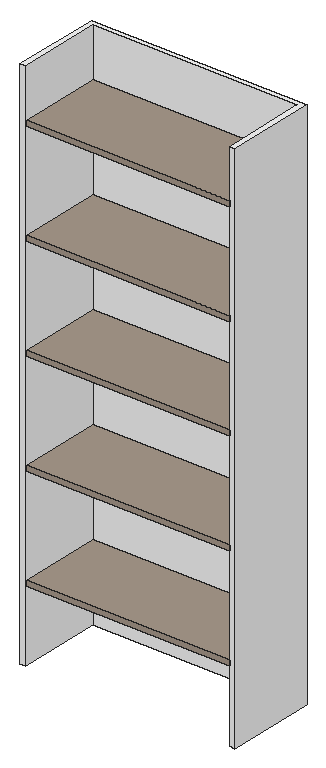
Revit family "Armário prateleira básico", category Generic Models, host Floor, Revit 2016
Family settings
  Host = Floor
  Part Type = Normal
  Can host rebar = No
  Round Connector Dimension = Use Diameter
  Work Plane-Based = No
  Always vertical = Yes
  Cut with Voids When Loaded = No
  Shared = No
  Room Calculation Point = No
Parameters (values of type "250 x 65x 230")
  URL = "http://maisrevit.blogspot.com.br"
  Profundidade [instance] = 50.00 cm
  Base = MDF - Branco padrão
  Máscara 2D = yes
  Comprimento [instance] = 120.00 cm
  Prateleiras = MDF - Madeirado 2
  Altura total = 300.00 cm
Reference planes (cm)
  plane 1 "Centro (Frente/Trás)": y = 0
  plane 2: z = 0
  plane 3 "Centro (Esquerda/Direita)": x = 0
  plane 4: x = -60
  plane 5: x = 60
  plane 6: y = 25
  plane 7: y = -25
  plane 8: z = 300
  plane 9: z = 120
Forms (cm)
  Extrusion 1, solid, material "MDF - Branco padrão" <- "Base"
    sketch origin (0, 0, 0) x (1, 0, 0) y (0, 1, 0)
      loop
        line (-60, -25) -> (-57, -25) -> (-57, 22) -> (57, 22) -> (57, -25) -> (60, -25) -> (60, 25) -> (-60, 25) -> (-60, -25)
    from 0 to 300
  Extrusion 2, solid, material "MDF - Madeirado 2" <- "Prateleiras"
    sketch origin (0, 0, 0) x (1, 0, 0) y (0, 0, 1)
      loop
        line (-57, 212.5) -> (57, 212.5) -> (57, 215.5) -> (-57, 215.5) -> (-57, 212.5)
    from -22 to 25
  Extrusion 3, solid, material "MDF - Madeirado 2" <- "Prateleiras"
    sketch origin (0, 0, -38) x (1, 0, 0) y (0, 0, 1)
      loop
        line (-57, 193) -> (57, 193) -> (57, 196) -> (-57, 196) -> (-57, 193)
    from -22 to 25
  Extrusion 4, solid, material "MDF - Madeirado 2" <- "Prateleiras"
    sketch origin (0, 0, -82) x (1, 0, 0) y (0, 0, 1)
      loop
        line (-57, 179.5) -> (57, 179.5) -> (57, 182.5) -> (-57, 182.5) -> (-57, 179.5)
    from -22 to 25
  Extrusion 5, solid, material "MDF - Madeirado 2" <- "Prateleiras"
    sketch origin (0, 0, -120.6386) x (1, 0, 0) y (0, 0, 1)
      loop
        line (-57, 160.6386) -> (57, 160.6386) -> (57, 163.6386) -> (-57, 163.6386) -> (-57, 160.6386)
    from -22 to 25
  Extrusion 6, solid, material "MDF - Madeirado 2" <- "Prateleiras"
    sketch origin (0, 0, 22.7228) x (1, 0, 0) y (0, 0, 1)
      loop
        line (-57, 247.2772) -> (57, 247.2772) -> (57, 250.2772) -> (-57, 250.2772) -> (-57, 247.2772)
    from -22 to 25
Lines and regions (cm)
  Masking region 1, visible <- "Máscara 2D"
    outline origin (0, 0, 0) x (1, 0, 0) y (0, 1, 0)
      loop
        line (-60, 25) -> (-60, -25) -> (60, -25) -> (60, 25) -> (-60, 25)
  symbolic lines, style "GenericModel"
    curve 1: line (-60, -25, 0) -> (60, 25, 0)
Dimensions and locks (cm)
  equal spacing: plane 4, plane 3 "Centro (Esquerda/Direita)", plane 5
  "Comprimento": plane 4 to plane 5
  equal spacing: plane 7, plane 1 "Centro (Frente/Trás)", plane 6
  "Profundidade": plane 7 to plane 6
  "Altura total": plane 8 to plane 2
  locked: plane 9 to level at 120
  locked: Extrusion 1 sketch curve to Extrusion 1 sketch curve at 3  (x3)
  locked: Extrusion 2 sketch curve to Extrusion 2 sketch curve at 3
  locked: Extrusion 3 sketch curve to Extrusion 3 sketch curve at 3
  locked: Extrusion 4 sketch curve to Extrusion 4 sketch curve at 3
  locked: Extrusion 5 sketch curve to Extrusion 5 sketch curve at 3
  locked: Extrusion 6 sketch curve to Extrusion 6 sketch curve at 3
  locked: Extrusion 5 to Extrusion 1 at 40
  equal spacing: Extrusion 6, Extrusion 2, Extrusion 3, Extrusion 4, Extrusion 5
  locked: plane 8 to Extrusion 6 at 30
  aligned and locked: level to plane 2
  aligned and locked: plane 4 to Masking region 1 sketch curve
  aligned and locked: Masking region 1 sketch curve to plane 5
  aligned and locked: plane 7 to Masking region 1 sketch curve
  aligned and locked: plane 4 to curve 1
  aligned and locked: plane 7 to curve 1
  aligned and locked: Masking region 1 to plane 6
  aligned and locked: curve 1 to Masking region 1
  aligned and locked: Extrusion 1 sketch curve to plane 4
  aligned and locked: Extrusion 1 sketch curve to plane 6
  aligned and locked: plane 5 to Extrusion 1 sketch curve
  aligned and locked: Extrusion 1 sketch curve to plane 7  (x2)
  aligned and locked: plane 8 to Extrusion 1
  aligned and locked: Extrusion 2 sketch curve to Extrusion 1  (x2)
  aligned and locked: Extrusion 2 to Extrusion 1
  aligned and locked: Extrusion 1 to Extrusion 2
  aligned and locked: Extrusion 6 to Extrusion 1  (x2)
  aligned and locked: Extrusion 3 to Extrusion 1
  aligned and locked: Extrusion 4 to Extrusion 1
  aligned and locked: Extrusion 5 to Extrusion 1  (x2)
  aligned and locked: Extrusion 1 to Extrusion 4
  aligned and locked: Extrusion 1 to Extrusion 3
Automatic sketch dimensions
  curve 1 to plane 5 = 0.00 cm
  plane 6 to Masking region 1 sketch curve = 0.00 cm
  plane 9 to Extrusion 2 sketch curve = 92.50 cm
  plane 4 to Extrusion 3 sketch curve = 3.00 cm
  Extrusion 3 sketch curve to plane 5 = 3.00 cm
  plane 9 to Extrusion 3 sketch curve = 35.00 cm
  plane 4 to Extrusion 4 sketch curve = 3.00 cm
  Extrusion 4 sketch curve to plane 5 = 3.00 cm
  Extrusion 4 sketch curve to plane 9 = 22.50 cm
  plane 4 to Extrusion 5 sketch curve = 3.00 cm
  Extrusion 5 sketch curve to plane 5 = 3.00 cm
  level to Extrusion 5 sketch curve = 40.00 cm
  plane 4 to Extrusion 6 sketch curve = 3.00 cm
  Extrusion 6 sketch curve to plane 5 = 3.00 cm
  Extrusion 6 sketch curve to plane 8 = 30.00 cm
